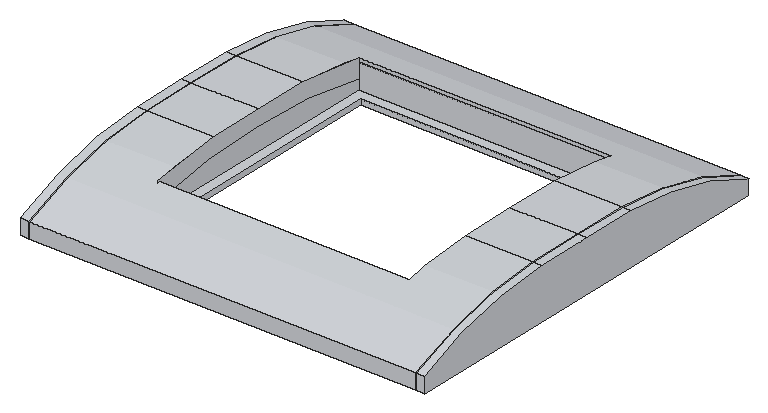
Revit family "Gira_021124", category Electrical Fixtures, host Face, Revit 2017
Family settings
  Host = Face
  Maintain Annotation Orientation = No
  Round Connector Dimension = Use Diameter
  Part Type = Normal
  Cut with Voids When Loaded = No
  Shared = No
  Room Calculation Point = No
Parameters (values of type "Cov.fr. 1-g interm.fr. AN Gira Event Opaque white")
  With mounting grid = "No"
  With hinged lid = "No"
  URL = "http://katalog.gira.de/en/datenblatt.html?artikelnr=021124"
  Type of fastening = "Clamp mounting"
  Transparent = "No"
  Surface protection = "Other"
  Suitable for wall duct = "No"
  Suitable for flush-mounted installation = "Yes"
  Suitable for floor box = "No"
  Suitable for built-in installation = "No"
  Number of units vertical = "1"
  Number of units horizontal = "1"
  Number of units = "1"
  Name = "Cov.fr. 1-g interm.fr. AN Gira Event Opaque white"
  Mounting direction = "Horizontal and vertical"
  Material quality = "Thermoplastic"
  Material = "Plastic"
  Manufacturer URL = "https://www.gira.de/"
  Manufacturer = "Gira"
  Label space/information surface = "No"
  Keynote = ""
  HeinzeBIM = "https://bimportal.heinze.de/bim/cov-fr-1-g-interm-fr-an-gira-event-opaque-white/1d520d96976ea365bcd4a8c3d065f99b5e0f8575"
  Halogen free = "Yes"
  HAN = "021124"
  GTIN = "4010337211242"
  Description = "Cov.fr.1g i.fr.AN EvOp WH,Gira Event Opaque frames,white with anthracite intermediate frame,1-gang,Features:,- Shatter-proof."
  Degree of protection (IP) = "IP20"
  Default Elevation = 1219.2 mm
  Data sheet (1) = "https://katalog.gira.de/en/download.html?artikelnr=021124"
  Colour = "White"
  Category = "Cover frame for domestic switching devices"
  BIM (1) = "https://media.stage.bim.site/public/gira/36a6b08/Event_Rahmen_1fach.rfa"
  Available = "No"
Reference planes
  plane 1 "Center (Front/Back)": y = 0
  plane 2: z = 0
  plane 3 "Center (Left/Right)": x = 0
Forms (mm)
  Extrusion 1, solid, detail levels fine
    sketch origin (0, 0, 1.55) x (0, 1, 0) y (0, 0, 1)
      loop
        arc (12.445, 9.683) -> (6.223, 9.833) -> (0, 9.85) r 291.636
        arc (0, 9.85) -> (-6.223, 9.833) -> (-12.445, 9.683) r 291.636
        arc (-12.445, 9.683) -> (-29.14, 7.482) -> (-45, 1.823) r 79.728
        line (-45, 1.823) -> (-45, -1.55) -> (-41.777, -1.55) -> (-41.777, -0.55)
        arc (-41.777, -0.55) -> (-21.205, 4.846) -> (0, 6.467) r 118.15
        arc (0, 6.467) -> (21.205, 4.846) -> (41.777, -0.55) r 118.15
        line (41.777, -0.55) -> (41.777, -1.55) -> (45, -1.55) -> (45, 1.823)
        arc (45, 1.823) -> (29.14, 7.482) -> (12.445, 9.683) r 79.728
    from -43 to 43
  Extrusion 2, void, detail levels fine
    sketch origin (0, 0, 0) x (1, 0, 0) y (0, 1, 0)
      loop
        line (-28, -28) -> (28, -28) -> (28, 28) -> (-28, 28) -> (-28, -28)
    from 2.85 to 12
  Extrusion 3, solid, detail levels coarse
    sketch origin (0, 0, 0) x (1, 0, 0) y (0, 1, 0)
      loop
        line (-45, 45) -> (-45, -45) -> (45, -45) -> (45, 45) -> (-45, 45)
    from 0 to 11.4
  Extrusion 4, solid, detail levels medium
    sketch origin (0, 0, 1.55) x (0, 1, 0) y (0, 0, 1)
      loop
        arc (12.445, 9.683) -> (6.223, 9.833) -> (0, 9.85) r 291.636
        arc (0, 9.85) -> (-6.223, 9.833) -> (-12.445, 9.683) r 291.636
        arc (-12.445, 9.683) -> (-29.14, 7.482) -> (-45, 1.823) r 79.728
        line (-45, 1.823) -> (-45, -1.55) -> (45, -1.55) -> (45, 1.823)
        arc (45, 1.823) -> (29.14, 7.482) -> (12.445, 9.683) r 79.728
    from -45 to 45
  Extrusion 5, solid, detail levels fine
    sketch origin (0, 0, 0) x (0, 1, 0) y (0, 0, 1)
      loop
        arc (45, 3.373) -> (29.14, 9.032) -> (12.445, 11.233) r 79.728
        arc (12.445, 11.233) -> (6.223, 11.383) -> (0, 11.4) r 291.636
        arc (0, 11.4) -> (-6.223, 11.383) -> (-12.445, 11.233) r 291.636
        arc (-12.445, 11.233) -> (-29.14, 9.032) -> (-45, 3.373) r 79.728
        line (-45, 3.373) -> (-45, 0) -> (45, 0) -> (45, 3.373)
    from 43 to 45
  Extrusion 6, solid, detail levels fine
    sketch origin (0, 0, 0) x (0, 1, 0) y (0, 0, -1)
      loop
        line (45, -3.373) -> (45, 0) -> (-45, 0) -> (-45, -3.373)
        arc (-45, -3.373) -> (-29.14, -9.032) -> (-12.445, -11.233) r 79.728
        arc (-12.445, -11.233) -> (-6.223, -11.383) -> (0, -11.4) r 291.636
        arc (0, -11.4) -> (6.223, -11.383) -> (12.445, -11.233) r 291.636
        arc (12.445, -11.233) -> (29.14, -9.032) -> (45, -3.373) r 79.728
    from 43 to 45
  Extrusion 7, solid, detail levels fine
    sketch origin (0, 0, 0) x (1, 0, 0) y (0, 1, 0)
      loop
        line (-25.7, 25.7) -> (-25.7, -25.7) -> (25.7, -25.7) -> (25.7, 25.7) -> (-25.7, 25.7)
      loop
        line (-29.495, 27.895) -> (-29.495, -27.895)
        spline (-29.495, -27.895) -> (-29.486, -28.025) -> (-29.461, -28.154) -> (-29.419, -28.278) -> (-29.361, -28.395) -> (-29.288, -28.504) -> (-29.202, -28.602) -> (-29.104, -28.688) -> (-28.995, -28.761) -> (-28.878, -28.819) -> (-28.754, -28.861) -> (-28.625, -28.886) -> (-28.495, -28.895)
        line (-28.495, -28.895) -> (28.495, -28.895)
        spline (28.495, -28.895) -> (28.625, -28.886) -> (28.754, -28.861) -> (28.878, -28.819) -> (28.995, -28.761) -> (29.104, -28.688) -> (29.202, -28.602) -> (29.288, -28.504) -> (29.361, -28.395) -> (29.419, -28.278) -> (29.461, -28.154) -> (29.486, -28.025) -> (29.495, -27.895)
        line (29.495, -27.895) -> (29.495, 27.895)
        spline (29.495, 27.895) -> (29.486, 28.025) -> (29.461, 28.154) -> (29.419, 28.278) -> (29.361, 28.395) -> (29.288, 28.504) -> (29.202, 28.602) -> (29.104, 28.688) -> (28.995, 28.761) -> (28.878, 28.819) -> (28.754, 28.861) -> (28.625, 28.886) -> (28.495, 28.895)
        line (28.495, 28.895) -> (-28.495, 28.895)
        spline (-28.495, 28.895) -> (-28.625, 28.886) -> (-28.754, 28.861) -> (-28.878, 28.819) -> (-28.995, 28.761) -> (-29.104, 28.688) -> (-29.202, 28.602) -> (-29.288, 28.504) -> (-29.361, 28.395) -> (-29.419, 28.278) -> (-29.461, 28.154) -> (-29.486, 28.025) -> (-29.495, 27.895)
    from 1.673 to 8.5
Cuts and joins
  Extrusion 2 cuts Extrusion 1
  Extrusion 2 cuts Extrusion 7
Dimensions and locks
  aligned and locked: plane 2 to host face
  aligned and locked: level to host face
